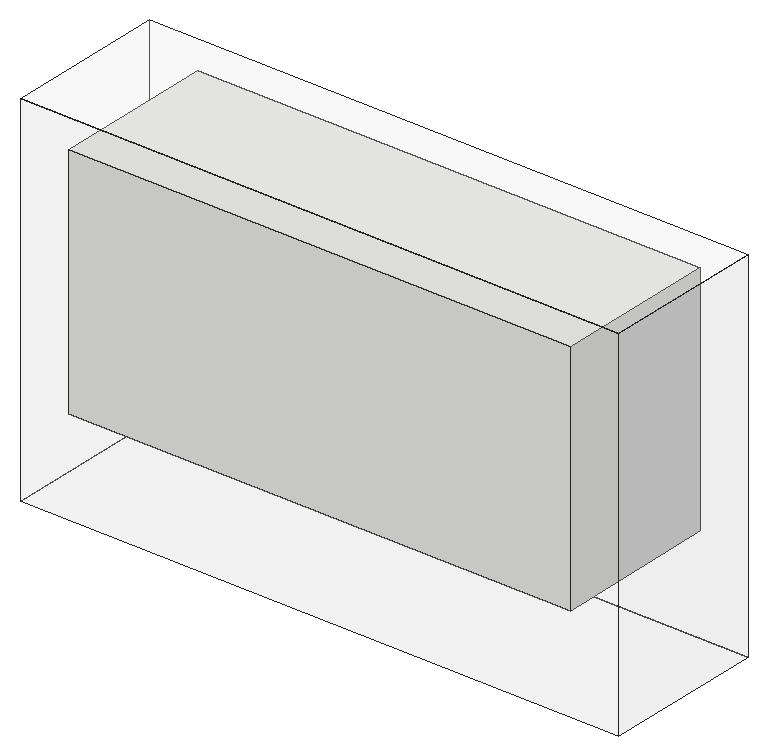
Revit family "vl-08(e)ps(a)(r)3_60Hz", category 機械設備, Revit 2019
Family settings
  丸型コネクタ寸法 = 直径を使用
  パーツ タイプ = 標準
  OmniClass 番号 = 23.75.35.17.27
  OmniClass タイトル = Centrifugal Fans
  作業面ベース = いいえ
  常に垂直 = はい
  ロード時にボイドで切り取り = いいえ
  共有 = いいえ
  部屋計算ポイント = いいえ
Parameters (values of type "VL-08PSA3")
  騒音レベル(dB(A)) [instance] = 32
  風量 [instance] = 37.5 m³/h
  電源種別 [instance] = ""
  電圧 = 100 V
  電動機出力 = 0 W
  電動機_種別 [instance] = ""
  運転質量 = 0.00 kg
  連動 [instance] = ""
  質量 = if(製品質量 > 運転質量, 製品質量, 運転質量) * 1.2  # 6.00 kg
  負荷分類 = 3_ファン類
  説明 = "換気空清機ロスナイ 冬期結露防止用 壁掛1パイプ取付タイプ"
  設計風量 [instance] = 0.0 m³/h
  設置方法 = "壁付"
  記号 [instance] = ""
  製造元 = "三菱電機株式会社"
  製品質量 = 5.00 kg
  製品出荷対象 = "国内"
  製品リリース年月 = "2019年5月16日"
  製品グループ = ""
  系統 [instance] = ""
  符号 [instance] = ""
  積算_科目 = "2 換気設備"
  積算_拾い区分 [instance] = ""
  相 = 1
  盤記号 [instance] = ""
  発停方法 [instance] = ""
  特殊仕様 [instance] = ""
  温度交換効率 = 69.00%
  メンテナンススペース = yes
  火災停止 [instance] = ""
  消費電力 = 21 W
  法定耐用年数 = "15"
  機外静圧 [instance] = 0.0 Pa
  極数 = 2
  材質 [instance] = ""
  操作・制御方式 = ""
  操作・制御スイッチ = ""
  排気量 [instance] = 0.0 m³/h
  形式 = ""
  幹線記号 [instance] = ""
  対象室 [instance] = ""
  実風量 [instance] = 0.0 m³/h
  始動方式 [instance] = "直入"
  外気量 [instance] = 0.0 m³/h
  呼称 = ""
  周波数 = 60 Hz
  参照している仕様書等のバージョン = ""
  分類コード = "50052504100030"
  分類グループ = ""
  価格 = 73300
  企業コード = "108420"
  付属品_防振装置 = ""
  付属品 [instance] = ""
  仕様書バージョン = "Version1.0"
  モデル = "VL-08PSA3"
  マテリアル = 合成樹脂(白)
  ファンの種類 = ""
  ダクト径 = 100 mm
  コメント [instance] = ""
  Keynote = ""
  Width = 522 mm
  W2 = if(Width / 2 < Depth, Width / 2, Depth)  # 168 mm
  W1 = 57 mm
  Version = ""
  Uniclass2015Version = "Systems v1.9"
  Uniclass2015Title = "Twin centrifugal fans"
  Uniclass2015Code = "Pr_65_67_29_89"
  URL = "https://www.mitsubishielectric.co.jp/ldg/wink/ssl/displayProduct.do?pid=300961"
  SpecificationReference = ""
  SpecificationDescription = ""
  SAサイズ_D = 114 mm
  Revision = ""
  ProductInformation = ""
  OmniClassCode = "23-33 31 19 13 13"
  MIN風量 = 21.0 m³/h
  MIN静圧 = 0.0 Pa
  MID風量 = 0.0 m³/h
  MID静圧 = 0.0 Pa
  MAX風量 = 37.5 m³/h
  MAX静圧 = 0.0 Pa
  IfcTypeProduct = ""
  IfcProduct = ""
  IfcExportType = "CENTRIFUGALBACKWARDINCLINEDCURVED"
  IfcExportAs = "IfcFanType"
  Height = 245 mm
  H1 = 40.5 mm
  EAサイズ_D = 114 mm
  Depth = 168 mm
  D1 = 28 mm
  Clearance Top = 30 mm
  Clearance Right = 50 mm
  Clearance Left = 50 mm
  Clearance Front = 0 mm
  Clearance Bottom = 100 mm
  Clearance Back = 0 mm
  Author = "三菱電機株式会社"
Types (4, lengths in mm): name | 消費電力 | 価格 | モデル | URL
  VL-08PS3 | 19 W | 51300 | "VL-08PS3" | "https://www.mitsubishielectric.co.jp/ldg/wink/ssl/displayProduct.do?pid=300959"
  VL-08EPS3 | 21 W | 59300 | "VL-08EPS3" | "https://www.mitsubishielectric.co.jp/ldg/wink/ssl/displayProduct.do?pid=300955"
  VL-08PSR3 | 21 W | 63900 | "VL-08PSR3" | "https://www.mitsubishielectric.co.jp/ldg/wink/ssl/displayProduct.do?pid=300963"
  VL-08PSA3 | 21 W | 73300 | "VL-08PSA3" | "https://www.mitsubishielectric.co.jp/ldg/wink/ssl/displayProduct.do?pid=300961"
Reference planes
  plane 1 "中心(正面/背面)": y = 0
  plane 2: z = 0
  plane 3 "中心(左/右)": x = 0
  plane 4: x = 311
  plane 5: y = 0
  plane 6: y = -168
  plane 7: x = -261
  plane 8: x = 261
  plane 9: y = -168
  plane 10: z = 152.5
  plane 11: z = -122.5
  plane 12: x = -311
  plane 13: z = -222.5
  plane 14: y = -84
  plane 15: z = 122.5
  plane 16: y = 28
  plane 17: z = -40.5
  plane 18: x = -130.5
  plane 19: x = 130.5
  plane 20: through (4267.2, -27.218, -39.548) normal (0, 0.0349, 0.9994)
Forms (mm)
  Extrusion 1, solid, material "合成樹脂(白)" <- "マテリアル", detail levels fine
    sketch origin (0, 0, 0) x (1, 0, 0) y (0, 1, 0)
      loop
        line (-261, 0) -> (-261, -168) -> (261, -168) -> (261, 0) -> (-261, 0)
    from -122.5 to 122.5
  Revolve 2, solid, material "合成樹脂(白)" <- "マテリアル", detail levels fine
    sketch origin (0, 0, 0) x (0, 1, 0) y (0, 0, 1)
      loop
        line (-4.86, -40.33) -> (-6.849, -97.296) -> (28, -98.513) -> (29.989, -41.547) -> (-4.86, -40.33)
      axis (-4.86, -40.33) -> (29.989, -41.547)
    angle from 0 to 360
Cuts and joins
  joined: Extrusion 1, Revolve 2
Lines and regions (mm)
  Masking region 1, detail levels coarse+medium
    outline origin (2279.921, -68.194, 0) x (1, 0, 0) y (0, 1, 0)
      loop
        line (-2540.921, 68.194) -> (-2540.921, -99.806) -> (-2018.921, -99.806) -> (-2018.921, 68.194) -> (-2540.921, 68.194)
  symbolic lines, detail levels coarse+medium
    curve 1: circle (130.5, -84, 0) r 84 normal (0, 0, 1)
    curve 2: circle (-130.5, -84, 0) r 84 normal (0, 0, 1)
Dimensions and locks
  equal spacing: plane 7, plane 3 "中心(左/右)", plane 8
  "Width": plane 7 to plane 8
  "Clearance Left": plane 12 to plane 7
  "Depth": plane 1 "中心(正面/背面)" to plane 9
  "Clearance Front": plane 9 to plane 6
  "Clearance Back": plane 5 to plane 1 "中心(正面/背面)"
  "Clearance Right": plane 8 to plane 4
  "Clearance Bottom": plane 11 to plane 13
  equal spacing: plane 1 "中心(正面/背面)", plane 14, plane 9
  "Height": plane 15 to plane 11
  "Clearance Top": plane 10 to plane 15
  equal spacing: plane 15, level, plane 11
  "D1": plane 16 to plane 1 "中心(正面/背面)"
  "H1": level to plane 17
  "W1": Revolve 2 sketch curve to Revolve 2 sketch curve
  equal spacing: plane 7, plane 18, plane 3 "中心(左/右)"
  equal spacing: plane 3 "中心(左/右)", plane 19, plane 8
  "W2": diameter of curve 2
  "W2": diameter of curve 1
  aligned and locked: level to plane 2
  aligned and locked: plane 8 to Extrusion 1
  aligned and locked: Extrusion 1 to plane 9
  aligned and locked: Extrusion 1 to plane 7
  aligned and locked: Extrusion 1 to plane 11
  aligned and locked: Extrusion 1 to plane 1 "中心(正面/背面)"
  aligned and locked: plane 15 to Extrusion 1
  aligned and locked: nested 1 to plane 6
  aligned and locked: nested 1 to plane 5
  aligned and locked: plane 12 to nested 1
  aligned and locked: plane 4 to nested 1
  aligned and locked: plane 13 to nested 1
  aligned and locked: plane 10 to nested 1
  aligned and locked: plane 17 to Revolve 2 sketch curve
  aligned and locked: Masking region 1 to plane 7
  aligned and locked: plane 8 to Masking region 1
  aligned and locked: Masking region 1 to plane 1 "中心(正面/背面)"
  aligned and locked: Masking region 1 to plane 9
Automatic sketch dimensions
  Extrusion 1 sketch curve to plane 3 "中心(左/右)" = 261 mm
  plane 3 "中心(左/右)" to Extrusion 1 sketch curve = 261 mm
  plane 1 "中心(正面/背面)" to Extrusion 1 sketch curve = 168 mm
  Extrusion 1 sketch curve to plane 1 "中心(正面/背面)" = 0 mm
  Masking region 1 sketch curve to plane 4 = 572 mm
  Masking region 1 sketch curve to Masking region 1 sketch curve = 522 mm
  plane 6 to Masking region 1 sketch curve = 0 mm
  plane 14 to Masking region 1 sketch curve = 84 mm
  curve 2 to plane 14 = 0 mm
  curve 2 to plane 18 = 0 mm
  curve 1 to plane 14 = 0 mm
  curve 1 to plane 19 = 0 mm
  Revolve 2 sketch curve to plane 1 "中心(正面/背面)" = 0 mm
  Revolve 2 sketch curve to plane 16 = 0 mm
  plane 16 to Revolve 2 sketch curve = 1.989 mm
  Revolve 2 sketch curve to plane 17 = 1.047 mm  (x2)
  plane 17 to Revolve 2 sketch curve = 0.17 mm
Nested families
  nested 1: "メンテナンススペース" at (0, -84, -35), visible <- "メンテナンススペース", type "メンテナンススペース"
    with Width 622 mm, Height 375 mm, Depth 168 mm
Connectors
  electrical at (0, 0, 0), driven by "極数", driven by "電圧", driven by "消費電力"
    settings: on Extrusion 1, index 1, voltage 100 V, apparent load 21 VA, apparent load phase1 0 VA, apparent load phase2 0 VA, apparent load phase3 0 VA, power factor 1, load classification "その他", number of poles 2, system type 30, power factor state 1, is connector primary yes, connector utility no, sub classification motor no, connector description ""
  hvac at (0, 29.989, -41.547), driven by "ダクト径"
    settings: on cut or joined group of Extrusion 1, Revolve 2, index 2, duct flow 0.0 m³/h, flow factor 0, pres drop 0.0 Pa, loss coef 0, conn angle 0.00°, conn width 304.8 mm, conn height 304.8 mm, conn diameter 100 mm, duct sys type 1, conn prof type 0, flow config 0, flow direction 0, loss method 0, conn ref index -1, conn util no, is conn primary yes, conn desc ""
Definition of nested family "メンテナンススペース"
  Parameters (values of type "メンテナンススペース")
    Width [instance] = 500 mm
    Height [instance] = 500 mm
    Depth [instance] = 500 mm
  Reference planes
    plane 1 "中心(正面/背面)": y = 0
    plane 2: z = 0
    plane 3 "中心(左/右)": x = 0
    plane 4: y = -250
    plane 5: x = 250
    plane 6: y = 250
    plane 7: x = -250
    plane 8: z = 250
    plane 9: z = -250
  Forms (mm)
    Extrusion 1, solid
      sketch origin (-638.939, 0, 72.39) x (1, 0, 0) y (0, 1, 0)
        loop
          line (388.939, 250) -> (388.939, -250) -> (888.939, -250) -> (888.939, 250) -> (388.939, 250)
      from -322.39 to 177.61
  Lines and regions (mm)
    symbolic lines
      curve 1: line (-250, 0, 250) -> (250, 0, 250)
      curve 2: line (-250, 0, -250) -> (-250, 0, 250)
      curve 3: line (250, 0, -250) -> (-250, 0, -250)
      curve 4: line (250, 0, 250) -> (250, 0, -250)
      curve 5: line (0, -250, 250) -> (0, 250, 250)
      curve 6: line (0, -250, -250) -> (0, -250, 250)
      curve 7: line (0, 250, -250) -> (0, -250, -250)
      curve 8: line (0, 250, 250) -> (0, 250, -250)
      curve 9: line (-250, 250, 0) -> (250, 250, 0)
      curve 10: line (-250, -250, 0) -> (-250, 250, 0)
      curve 11: line (250, -250, 0) -> (-250, -250, 0)
      curve 12: line (250, 250, 0) -> (250, -250, 0)
  Dimensions and locks
    equal spacing: plane 7, plane 3 "中心(左/右)", plane 5
    equal spacing: plane 4, plane 1 "中心(正面/背面)", plane 6
    "Depth": plane 4 to plane 6
    "Width": plane 7 to plane 5
    equal spacing: plane 8, plane 2, plane 9
    "Height": plane 8 to plane 9
    aligned and locked: plane 9 to curve 3
    aligned and locked: plane 7 to curve 2
    aligned and locked: curve 4 to plane 5
    aligned and locked: plane 5 to Extrusion 1
    aligned and locked: Extrusion 1 to plane 7
    aligned and locked: Extrusion 1 to plane 9
    aligned and locked: plane 8 to Extrusion 1
    aligned and locked: plane 9 to curve 7
  Automatic sketch dimensions
    plane 4 to Extrusion 1 sketch curve = 0 mm
    Extrusion 1 sketch curve to plane 7 = 0 mm
    Extrusion 1 sketch curve to plane 5 = 0 mm
    plane 6 to Extrusion 1 sketch curve = 0 mm
    curve 2 to plane 8 = 0 mm
    plane 4 to curve 11 = 0 mm
    curve 11 to plane 7 = 0 mm
    curve 11 to plane 5 = 0 mm
    plane 6 to curve 10 = 0 mm
    curve 7 to plane 4 = 0 mm
    curve 7 to plane 6 = 0 mm
    curve 6 to plane 8 = 0 mm
